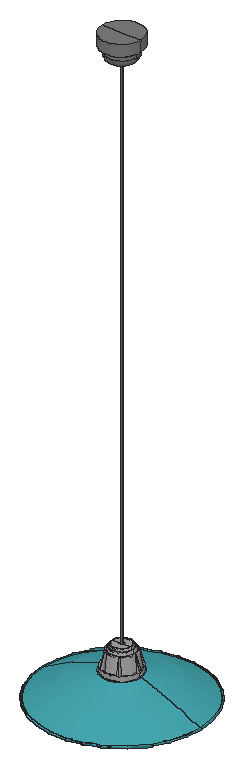
Revit family "Euro Barn EIJ8 (14,16,18,20,22) LED", category Lighting Fixtures, Revit 2020 (continued)
Definition of nested family "EU818-1"
  Definition of nested family "EU818"
    Forms (in)
      Revolve 6, solid, material <- "HUB", visible <- "EU818"
        sketch origin (0, 0, 0.54433) x (-0.5, -0.866025, 0) y (0, 0, 1)
          loop
            line (2.24058, 2.95773) -> (2.49108, 2.95773) -> (1.92916, 4.90696) -> (1.87916, 4.90696) -> (2.24058, 2.95773)
          axis (1.87916, 4.90696) -> (2.24891, 2.91282)
        angle from 0 to 360
      Revolve 7, solid, material <- "HUB", visible <- "EU818"
        sketch origin (0, 0, 0.54433) x (-0.5, 0.866025, 0) y (0, 0, 1)
          loop
            line (2.24058, 2.95773) -> (2.49108, 2.95773) -> (1.92916, 4.90696) -> (1.87916, 4.90696) -> (2.24058, 2.95773)
          axis (1.87916, 4.90696) -> (2.24891, 2.91282)
        angle from 0 to 360
      Revolve 8, solid, material <- "HUB", visible <- "EU818"
        sketch origin (0, 0, 0.54433) x (0.5, -0.866025, 0) y (0, 0, 1)
          loop
            line (2.24058, 2.95773) -> (2.49108, 2.95773) -> (1.92916, 4.90696) -> (1.87916, 4.90696) -> (2.24058, 2.95773)
          axis (1.87916, 4.90696) -> (2.24891, 2.91282)
        angle from 0 to 360
    Dimensions and locks (in)
      plane 6 to level = 0' - 6 1/4"
      plane 4 to plane 5 = 1' - 6"
      aligned and locked: plane 2 to level
Definition of nested family "EU820-1"
  Parameters (values of type "EU820-1")
    Mounting Finish = none
    Light Elevation [instance] = 2' - 0"
    EU820 [instance] = yes
    Default Elevation = 0' - 0"
    Body [instance] = none
  Reference planes (in)
    plane 1 "Center (Front/Back)": y = 0
    plane 2: z = 0
    plane 3 "Center (Left/Right)": x = 0
    plane 4: z = 24
  Dimensions and locks (in)
    "Light Elevation": plane 4 to plane 2
    aligned and locked: plane 2 to level
    aligned and locked: plane 3 "Center (Left/Right)" to nested 1
    aligned and locked: plane 1 "Center (Front/Back)" to nested 1
    aligned and locked: plane 4 to nested 1
  Nested families (in)
    nested 1: "EU820" at (0, 0, 17.5), visible <- "EU820", Body <- "Body", EU820 <- "EU820", type "EU820"
      with EU820 yes, Body none
  Definition of nested family "EU820"
    Parameters (values of type "EU820")
      SHADE = none
      HUB = none
      EU820 [instance] = yes
      Default Elevation = 0' - 0"
      Body [instance] = none
    Reference planes (in)
      plane 1 "Center (Front/Back)": y = 0
      plane 2: z = 0
      plane 3 "Center (Left/Right)": x = 0
      plane 4: x = -10
      plane 5: x = 10
      plane 6: z = 6.5
    Forms (in)
      Revolve 1, solid, material <- "Body", visible <- "EU820"
        sketch origin (0, 0, 0) x (1, 0, 0) y (0, 0, 1)
          loop
            line (-1.95, 3.865) -> (-2, 3.865) -> (-2.25, 3.615) -> (-2.25, 3.195) -> (-2.86092, 3.195)
            arc (-2.86092, 3.195) -> (-6.49192, 1.93007) -> (-9.87193, 0.09711) r 23.80629
            arc (-9.87193, 0.09711) -> (-9.90232, 0.10271) -> (-9.89826, 0.13335) r 0.02243
            arc (-9.89826, 0.13335) -> (-9.89121, 0.19927) -> (-9.95713, 0.20632) r 0.04687
            arc (-9.95713, 0.20632) -> (-9.97817, 0.04761) -> (-9.82073, 0.01858) r 0.11618
            arc (-9.82073, 0.01858) -> (-6.45951, 1.8419) -> (-2.84892, 3.10125) r 23.71254
            line (-2.84892, 3.10125) -> (-2.15625, 3.10125) -> (-2.15625, 3.57617) -> (-1.93371, 3.79871)
            arc (-1.93371, 3.79871) -> (-1.91587, 3.83824) -> (-1.95, 3.865) r 0.03515
          axis (0, 0.01858) -> (0, 3.865)
        angle from 0 to 360
      Revolve 2, solid, material <- "HUB", visible <- "EU820"
        sketch origin (0, 0, 0.86534) x (1, 0, 0) y (0, 0, 1)
          loop
            arc (-1.26869, 5.63466) -> (-1.29019, 5.6284) -> (-1.30495, 5.61157) r 0.04
            line (-1.30495, 5.61157) -> (-1.3986, 5.41073) -> (-1.49143, 5.41073)
            arc (-1.49143, 5.41073) -> (-1.51437, 5.40349) -> (-1.52902, 5.38441) r 0.04
            line (-1.52902, 5.38441) -> (-1.65794, 5.03019) -> (-1.82304, 5.03019)
            arc (-1.82304, 5.03019) -> (-1.84862, 5.02094) -> (-1.86237, 4.99748) r 0.04
            line (-1.86237, 4.99748) -> (-2.24058, 2.95773) -> (-2.5, 2.95773) -> (-2.5, 2.37048) -> (-2.28, 2.37048) -> (-2.28, 2.75048) -> (-2, 3.00048) -> (-1.6, 3.00048) -> (-1.34987, 4.78027)
            arc (-1.34987, 4.78027) -> (-1.26631, 4.93415) -> (-1.1023, 4.99548) r 0.25
            line (-1.1023, 4.99548) -> (-0.28, 4.99548) -> (-0.28, 5.63466) -> (-1.26869, 5.63466)
          axis (0, 5.63466) -> (0, 2.37048)
        angle from 0 to 360
      Revolve 3, solid, material <- "HUB", visible <- "EU820"
        sketch origin (0, 0, 0.86534) x (1, 0, 0) y (0, 0, 1)
          loop
            line (2.24058, 2.95773) -> (2.49108, 2.95773) -> (1.92916, 4.90696) -> (1.87916, 4.90696) -> (2.24058, 2.95773)
          axis (1.87916, 4.90696) -> (2.24891, 2.91282)
        angle from 0 to 360
      Revolve 4, solid, material <- "HUB", visible <- "EU820"
        sketch origin (0, 0, 0.86534) x (-1, 0, 0) y (0, 0, 1)
          loop
            line (2.24058, 2.95773) -> (2.49108, 2.95773) -> (1.92916, 4.90696) -> (1.87916, 4.90696) -> (2.24058, 2.95773)
          axis (1.87916, 4.90696) -> (2.24891, 2.91282)
        angle from 0 to 360
      Revolve 5, solid, material <- "HUB", visible <- "EU820"
        sketch origin (0, 0, 0.86534) x (0.5, 0.866025, 0) y (0, 0, 1)
          loop
            line (2.24058, 2.95773) -> (2.49108, 2.95773) -> (1.92916, 4.90696) -> (1.87916, 4.90696) -> (2.24058, 2.95773)
          axis (1.87916, 4.90696) -> (2.24891, 2.91282)
        angle from 0 to 360
      Revolve 6, solid, material <- "HUB", visible <- "EU820"
        sketch origin (0, 0, 0.86534) x (-0.5, -0.866025, 0) y (0, 0, 1)
          loop
            line (2.24058, 2.95773) -> (2.49108, 2.95773) -> (1.92916, 4.90696) -> (1.87916, 4.90696) -> (2.24058, 2.95773)
          axis (1.87916, 4.90696) -> (2.24891, 2.91282)
        angle from 0 to 360
      Revolve 7, solid, material <- "HUB", visible <- "EU820"
        sketch origin (0, 0, 0.86534) x (-0.5, 0.866025, 0) y (0, 0, 1)
          loop
            line (2.24058, 2.95773) -> (2.49108, 2.95773) -> (1.92916, 4.90696) -> (1.87916, 4.90696) -> (2.24058, 2.95773)
          axis (1.87916, 4.90696) -> (2.24891, 2.91282)
        angle from 0 to 360
      Revolve 8, solid, material <- "HUB", visible <- "EU820"
        sketch origin (0, 0, 0.86534) x (0.5, -0.866025, 0) y (0, 0, 1)
          loop
            line (2.24058, 2.95773) -> (2.49108, 2.95773) -> (1.92916, 4.90696) -> (1.87916, 4.90696) -> (2.24058, 2.95773)
          axis (1.87916, 4.90696) -> (2.24891, 2.91282)
        angle from 0 to 360
    Dimensions and locks (in)
      plane 5 to plane 4 = 1' - 8"
      plane 6 to level = 0' - 6 1/2"
      aligned and locked: plane 2 to level
      aligned and locked: Revolve 2 sketch curve to plane 6
Types (6): name | Weight | URL | Model | Fixture Height | Fixture Diameter | EU822 | EU820 | EU818 | EU816 | EU814
  (no name) | "5.7 lbs" | "https://www.anplighting.com/assets/Uploads/product-attachments/specification-sheets/ANP-Specification-Sheet-INC-EU822.pdf" | "EU822" | 0' - 6 7/8" | 1' - 10" | yes | no | no | no | no
  EU814 | "3.2 lbs" | "https://www.anplighting.com/assets/Uploads/product-attachments/specification-sheets/ANP-Specification-Sheet-INC-EU814.pdf" | "EU814" | 0' - 5 5/8" | 1' - 2" | no | no | no | no | yes
  EU816 | "3.7 lbs" | "https://www.anplighting.com/assets/Uploads/product-attachments/specification-sheets/ANP-Specification-Sheet-INC-EU816.pdf" | "EU816" | 0' - 5 1/2" | 1' - 4" | no | no | no | yes | no
  EU818 | "4.7 lbs" | "https://www.anplighting.com/assets/Uploads/product-attachments/specification-sheets/ANP-Specification-Sheet-INC-EU818.pdf" | "EU818" | 0' - 6 1/4" | 1' - 6" | no | no | yes | no | no
  EU820 | "5.7 lbs" | "https://www.anplighting.com/assets/Uploads/product-attachments/specification-sheets/ANP-Specification-Sheet-INC-EU820.pdf" | "EU820" | 0' - 6 1/2" | 1' - 8" | no | yes | no | no | no
  EU822 | "5.7 lbs" | "https://www.anplighting.com/assets/Uploads/product-attachments/specification-sheets/ANP-Specification-Sheet-INC-EU822.pdf" | "EU822" | 0' - 6 7/8" | 1' - 10" | yes | no | no | no | no
